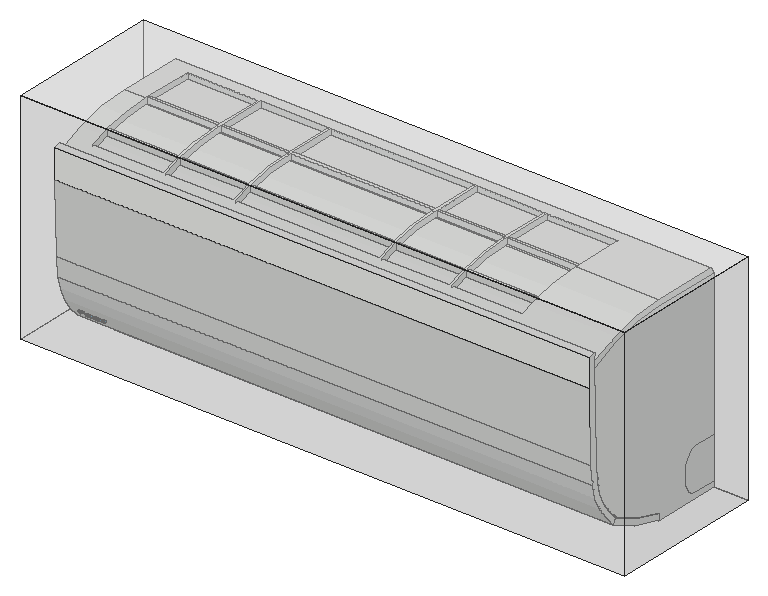
Revit family "outputfile", category 機械設備, Revit 2024
Family settings
  丸型コネクタ寸法 = 半径を使用
  パーツ タイプ = 標準
  OmniClass 番号 = 23.75.10.24.21.27.27
  OmniClass タイトル = Split System Air Conditioning Units
  作業面ベース = いいえ
  常に垂直 = はい
  ロード時にボイドで切り取り = いいえ
  注釈の向きを維持 = いいえ
  共有 = いいえ
  部屋計算ポイント = いいえ
Parameters (values of type "FTXV25UVMA")
  Description = ""
  書き出し IFC クラス(タイプ) = "IfcUnitaryEquipmentType"
  定義済み IFC タイプ(タイプ) = "AIRCONDITIONINGUNIT"
  Cost = 0
  Type Comments = ""
  Keynote = ""
  Type Image = (empty or 0)
  Assembly Code = ""
  w_wall hole = if(Width = 770.0 mm, 48.0 mm, 60.0 mm)  # 48.0 mm
  製造元 = "Daikin"
  モデル = "FTXV25UVMA"
  switch_frequency = yes
  r_Liquid Pipe Size = Liquid Pipe Size / 2  # 3.2 mm
  r_Gas Pipe Size = Gas Pipe Size / 2  # 4.75 mm
  r_Drain Pipe Size = Drain Pipe Size / 2  # 8.0 mm
  lw_powersupply [instance] = if(Width = 770.0 mm, if(or(Rear Right Connection_refrigerant, Bottom Right Connection_refrigerant), 25.0 mm, if(or(Rear Left Connection_refrigerant, Bottom Left Connection_refrigerant), 745.0 mm, 400.0 mm)), if(Width = 990.0 mm, if(or(Rear Right Connection_refrigerant, Bottom Right Connection_refrigerant), 40.0 mm, if(or(Rear Left Connection_refrigerant, Bottom Left Connection_refrigerant), 920.0 mm, 400.0 mm)), if(or(Rear Right Connection_refrigerant, Bottom Right Connection_refrigerant), 40.0 mm, if(or(Rear Left Connection_refrigerant, Bottom Left Connection_refrigerant), 920.0 mm, 400.0 mm))))  # 400.0 mm
  lw_liquidpipe [instance] = if(Width = 770.0 mm, if(or(Rear Right Connection_refrigerant, Bottom Right Connection_refrigerant), 0.0 mm, if(or(Rear Left Connection_refrigerant, Bottom Left Connection_refrigerant), 664.0 mm, 385.0 mm)), if(Width = 990.0 mm, if(or(Rear Right Connection_refrigerant, Bottom Right Connection_refrigerant), 0.0 mm, if(or(Rear Left Connection_refrigerant, Bottom Left Connection_refrigerant), 664.0 mm + (990.0 mm - 770.0 mm), 475.0 mm)), if(or(Rear Right Connection_refrigerant, Bottom Right Connection_refrigerant), 0.0 mm, if(or(Rear Left Connection_refrigerant, Bottom Left Connection_refrigerant), 664.0 mm + (990.0 mm - 770.0 mm), 475.0 mm))))  # 385.0 mm
  lw_gaspipe [instance] = if(Width = 770.0 mm, if(or(Rear Right Connection_refrigerant, Bottom Right Connection_refrigerant), 0.0 mm, if(or(Rear Left Connection_refrigerant, Bottom Left Connection_refrigerant), 675.0 mm, if(Gas Pipe Size = 12.7 mm, 345.0 mm, 335.0 mm))), if(Width = 990.0 mm, if(or(Rear Right Connection_refrigerant, Bottom Right Connection_refrigerant), 10.0 mm, if(or(Rear Left Connection_refrigerant, Bottom Left Connection_refrigerant), 890.0 mm, if(Gas Pipe Size = 15.9 mm, 410.0 mm, 400.0 mm))), if(or(Rear Right Connection_refrigerant, Bottom Right Connection_refrigerant), 10.0 mm, if(or(Rear Left Connection_refrigerant, Bottom Left Connection_refrigerant), 890.0 mm, if(Gas Pipe Size = 15.9 mm, 410.0 mm, 400.0 mm)))))  # 335.0 mm
  lw_drainpipe [instance] = if(Width = 770.0 mm, if(or(Rear Right Connection_refrigerant, Bottom Right Connection_refrigerant), 0.0 mm, if(or(Rear Left Connection_refrigerant, Bottom Left Connection_refrigerant), 770.0 mm - 48.0 mm - 48.0 mm, 440.0 mm)), if(Width = 990.0 mm, if(or(Rear Right Connection_refrigerant, Bottom Right Connection_refrigerant), 0.0 mm, if(or(Rear Left Connection_refrigerant, Bottom Left Connection_refrigerant), 675.0 mm + (990.0 mm - 770.0 mm), 435.0 mm)), if(or(Rear Right Connection_refrigerant, Bottom Right Connection_refrigerant), 0.0 mm, if(or(Rear Left Connection_refrigerant, Bottom Left Connection_refrigerant), 675.0 mm + (990.0 mm - 770.0 mm), 435.0 mm))))  # 440.0 mm
  l_powersupply_length [instance] = if(Width = 770.0 mm, if(Right Connection_refrigerant, 400.0 mm, if(Left Connection_refrigerant, 770.0 mm - 400.0 mm, if(or(Rear Left Connection_refrigerant, Rear Right Connection_refrigerant), 15.0 mm, 50.0 mm))), if(Width = 990.0 mm, if(Right Connection_refrigerant, 400.0 mm, if(Left Connection_refrigerant, 990.0 mm - 400.0 mm, if(or(Rear Left Connection_refrigerant, Rear Right Connection_refrigerant), 15.0 mm, 50.0 mm))), if(Right Connection_refrigerant, 400.0 mm, if(Left Connection_refrigerant, 990.0 mm - 400.0 mm, if(or(Rear Left Connection_refrigerant, Rear Right Connection_refrigerant), 15.0 mm, 50.0 mm)))))  # 400.0 mm
  l_liquidpipe_length [instance] = if(Width = 770.0 mm, if(Right Connection_refrigerant, 433.0 mm, if(Left Connection_refrigerant, 337.0 mm, if(or(Rear Left Connection_refrigerant, Rear Right Connection_refrigerant), 30.0 mm, 40.0 mm))), if(Width = 990.0 mm, if(Right Connection_refrigerant, 535.0 mm, if(Left Connection_refrigerant, 455.0 mm, if(or(Rear Left Connection_refrigerant, Rear Right Connection_refrigerant), 30.0 mm, 40.0 mm))), if(Right Connection_refrigerant, 535.0 mm, if(Left Connection_refrigerant, 455.0 mm, if(or(Rear Left Connection_refrigerant, Rear Right Connection_refrigerant), 30.0 mm, 40.0 mm)))))  # 433.0 mm
  l_gaspipe_length [instance] = if(Width = 770.0 mm, if(Right Connection_refrigerant, if(Gas Pipe Size = 12.7 mm, 393.0 mm, 383.0 mm), if(Left Connection_refrigerant, if(Gas Pipe Size = 12.7 mm, 770.0 mm - 393.0 mm, 770.0 mm - 383.0 mm), if(or(Rear Left Connection_refrigerant, Rear Right Connection_refrigerant), 40.0 mm, 50.0 mm))), if(Width = 990.0 mm, if(Right Connection_refrigerant, if(Gas Pipe Size = 15.9 mm, 470.0 mm, 460.0 mm), if(Left Connection_refrigerant, if(Gas Pipe Size = 15.9 mm, 990.0 mm - 470.0 mm, 990.0 mm - 460.0 mm), if(or(Rear Left Connection_refrigerant, Rear Right Connection_refrigerant), 40.0 mm, 50.0 mm))), if(Right Connection_refrigerant, if(Gas Pipe Size = 15.9 mm, 460.0 mm, 460.0 mm), if(Left Connection_refrigerant, if(Gas Pipe Size = 15.9 mm, 990.0 mm - 460.0 mm, 990.0 mm - 460.0 mm), if(or(Rear Left Connection_refrigerant, Rear Right Connection_refrigerant), 40.0 mm, 50.0 mm)))))  # 383.0 mm
  l_drainpipe_length [instance] = if(Width = 770.0 mm, if(Right Connection_refrigerant, 488.0 mm, if(Left Connection_refrigerant, 282.0 mm, if(or(Rear Left Connection_refrigerant, Rear Right Connection_refrigerant), 15.0 mm, 20.0 mm))), if(Width = 990.0 mm, if(Right Connection_refrigerant, 495.0 mm, if(Left Connection_refrigerant, 495.0 mm, if(or(Rear Left Connection_refrigerant, Rear Right Connection_refrigerant), 15.0 mm, 20.0 mm))), if(Right Connection_refrigerant, 495.0 mm, if(Left Connection_refrigerant, 495.0 mm, if(or(Rear Left Connection_refrigerant, Rear Right Connection_refrigerant), 15.0 mm, 20.0 mm)))))  # 488.0 mm
  h*** = 0.0 mm  # constant formula
  connector_voltage = Voltage_50Hz  # 230 V
  connector_powerinput = [Power Input (Cooling)]  # 0.520 kW
  connector_phase = Phase_50Hz  # 1
  angle_vertical [instance] = if(or(Bottom Left Connection_refrigerant, Bottom Right Connection_refrigerant), 0.00°, 90.00°)  # 90.00°
  angle_horizontal [instance] = if(Right Connection_refrigerant, 90.00°, if(Left Connection_refrigerant, -90.00°, if(or(Rear Left Connection_refrigerant, Rear Right Connection_refrigerant), 180.00°, 0.00°)))  # 90.00°
  Width = 770.0 mm
  Voltage_comment_60Hz = "220-230"
  Voltage_comment_50Hz = "220 - 240"
  Voltage_60Hz = 220 V
  Voltage_50Hz = 230 V
  Version = "ver.1.0"
  Unit Type = "Wall Mounted"
  Unit Mass Weight = 9.00 kg
  Unit Designation [instance] = ""
  Uniclass2015Version = "Products v1.30"
  Uniclass2015Title = "Split coil room air conditioning units"
  Uniclass2015Code = "Pr_70_65_03_86"
  URL = ""
  Total Heating Capacity [instance] = 0.000 kW
  Total Cooling Capacity [instance] = 0.000 kW
  Sound Pressure Level_M speed (dBA) = 32
  Sound Pressure Level_L speed (dBA) = 25
  Sound Pressure Level_H speed (dBA) = 42
  Sound Power Level_H speed (dB) = 0
  Series = "Single Split_Fan Coil Unit"
  Sensible Cooling Capacity [instance] = 0.000 kW
  Refrigerant Type = "R32"
  Power Input (Heating) = 0.650 kW
  Power Input (Cooling) = 0.520 kW
  Phase_60Hz = 1
  Phase_50Hz = 1
  Option Accessory 3 [instance] = ""
  Option Accessory 2 [instance] = ""
  Option Accessory 1 [instance] = ""
  Nominal Heating Capacity = 3.200 kW
  Nominal Cooling Capacity = 2.500 kW
  Minimum Circuit Amps_60Hz = 0.0 A
  Minimum Circuit Amps_50Hz = 0.0 A
  Minimum Airflow = 300.00 m³/h
  Median Airflow = 426.00 m³/h
  Maximum Fuse Amps_60Hz = 0.0 A
  Maximum Fuse Amps_50Hz = 0.0 A
  Maximum Airflow = 624.00 m³/h
  Material_Casing = DAIKIN_PureWhite_Casing_indoorunit
  Load Classification = HVAC
  Liquid Pipe Size = 6.4 mm
  Link_Nested Family [instance] = ""
  IfcVersion = ""
  IfcExportType = "AIRCONDITIONINGUNIT"
  IfcExportAs = "IfcUnitaryEquipmentType"
  Height = 285.0 mm
  Heating Entering Wet Bulb Temperature [instance] = -273.15 °C
  Heating Entering Dry Bulb Temperature [instance] = -273.15 °C
  Heating Ambient Wet Bulb Temperature [instance] = -273.15 °C
  Heating Ambient Dry Bulb Temperature [instance] = -273.15 °C
  Heat Exchanger Type = "Cross Fin Coil"
  Gas Pipe Size = 9.5 mm
  Frequency_60Hz = 60 Hz
  Frequency_50Hz = 50 Hz
  Fan Type = "Cross Flow Fan"
  Fan Drive = "-"
  FCU Tag No. [instance] = ""
  Drain Pipe Size = 16.0 mm
  Design Supply Airflow [instance] = 0.00 m³/h
  Depth = 223.0 mm
  既定の高さ = 0.0 mm
  Cooling Entering Wet Bulb Temperature [instance] = 0.00 °C
  Cooling Entering Dry Bulb Temperature [instance] = 0.00 °C
  Cooling Ambient Wet Bulb Temperature [instance] = 0.00 °C
  Cooling Ambient Dry Bulb Temperature [instance] = 0.00 °C
  Clearance visibility [instance] = yes
  Clearance Top = 30.0 mm
  Clearance Right = 50.0 mm
  Clearance Rear = 0.0 mm
  Clearance Left = 50.0 mm
  Clearance Front = 0.0 mm
  Clearance Bottom = 0.0 mm
  Bottom Right Connection_refrigerant [instance] = no
  Bottom Left Connection_refrigerant [instance] = no
  Rear Right Connection_refrigerant [instance] = no
  Rear Left Connection_refrigerant [instance] = no
  Right Connection_refrigerant [instance] = yes
  Left Connection_refrigerant [instance] = no
Reference planes
  plane 1 "Back": y = 0
  plane 2: z = 0
  plane 3 "Center (Left/Right)": x = 0
  plane 4 "Center (Front/Back)": y = -111.5
  plane 5 "Front": y = -223
  plane 6 "Left": x = -385
  plane 7 "Right": x = 385
  plane 8 "Top": z = 0
  plane 9 "Bottom": z = -285
  plane 10: x = -435
  plane 11: x = 435
  plane 12: y = 0
  plane 13: y = -223
  plane 14: z = 30
  plane 15: z = -285
  plane 16 "lw_Piping and Wiring intake": x = 337
  plane 17 "lw_gaspipe": x = 2
  plane 18 "lw_liquidpipe": x = -48
  plane 19 "lw_drainpipe": x = -103
  plane 20 "lh_drainpipe": z = -265
  plane 21 "lh_liquidpipe": z = -245
  plane 22 "lh_gaspipe": z = -235
  plane 23 "ld_drainpipe": y = -15
  plane 24 "ld_liquidpipe": y = -30
  plane 25 "ld_gaspipe": y = -40
  plane 26 "lw_powersupply": x = -15
Dimensions and locks
  equal spacing: plane 6 "Left", plane 3 "Center (Left/Right)", plane 7 "Right"
  "Width": plane 6 "Left" to plane 7 "Right"
  equal spacing: plane 5 "Front", plane 4 "Center (Front/Back)", plane 1 "Back"
  "Depth": plane 5 "Front" to plane 1 "Back"
  "Height": plane 8 "Top" to plane 9 "Bottom"
  "Clearance Rear": plane 12 to plane 1 "Back"
  "Clearance Front": plane 13 to plane 5 "Front"
  "Clearance Top": plane 14 to plane 8 "Top"
  "Clearance Bottom": plane 9 "Bottom" to plane 15
  "w_wall hole": plane 16 "lw_Piping and Wiring intake" to plane 7 "Right"
  "lw_gaspipe": plane 17 "lw_gaspipe" to plane 16 "lw_Piping and Wiring intake"
  "lw_liquidpipe": plane 18 "lw_liquidpipe" to plane 16 "lw_Piping and Wiring intake"
  "lw_drainpipe": plane 19 "lw_drainpipe" to plane 16 "lw_Piping and Wiring intake"
  locked: plane 20 "lh_drainpipe" to plane 9 "Bottom" at 20
  locked: plane 21 "lh_liquidpipe" to plane 9 "Bottom" at 40
  locked: plane 22 "lh_gaspipe" to plane 9 "Bottom" at 50
  locked: plane 23 "ld_drainpipe" to plane 1 "Back" at 15
  locked: plane 1 "Back" to plane 24 "ld_liquidpipe" at 30
  locked: plane 1 "Back" to plane 25 "ld_gaspipe" at 40
  "lw_powersupply": plane 26 "lw_powersupply" to plane 7 "Right"
  "Clearance Left": plane 10 to plane 6 "Left"
  "Clearance Right": plane 7 "Right" to plane 11
  aligned and locked: level to plane 2
  aligned and locked: plane 12 to nested 1
  aligned and locked: nested 1 to plane 13
  aligned and locked: plane 10 to nested 1
  aligned and locked: plane 11 to nested 1
  aligned and locked: plane 15 to nested 1
  aligned and locked: plane 14 to nested 1
  aligned and locked: plane 17 "lw_gaspipe" to nested 2
  aligned and locked: nested 2 to plane 25 "ld_gaspipe"
  aligned and locked: plane 18 "lw_liquidpipe" to nested 3
  aligned and locked: nested 3 to plane 24 "ld_liquidpipe"
  aligned and locked: plane 19 "lw_drainpipe" to nested 4
  aligned and locked: nested 4 to plane 23 "ld_drainpipe"
  aligned and locked: nested 5 to plane 23 "ld_drainpipe"
  aligned and locked: plane 26 "lw_powersupply" to nested 5
  aligned and locked: level to plane 8 "Top"
  aligned and locked: plane 3 "Center (Left/Right)" to nested 6
  aligned and locked: plane 1 "Back" to nested 6
  aligned and locked: plane 8 "Top" to nested 6
Nested families
  nested 1: "daikin_clearancespace" at (0, -111.5, -127.381), show <- "Clearance visibility", visible <- "Clearance visibility", Link_Nested Family <- "Link_Nested Family", type "daikin_clearancespace"
    with width 870.0 mm, show yes, height 315.0 mm, depth 223.0 mm, Link_Nested Family ""
  nested 2: "daikin_connector_rotate3" at (2, -40, -235), angle_vertical <- "angle_vertical", angle_horizontal <- "angle_horizontal", length <- "l_gaspipe_length", radius <- "r_Gas Pipe Size", type "daikin_connector_rotate3"
    with show no, radius 4.75 mm, length 383.0 mm, angle_vertical 90.00°, angle_horizontal 90.00°
  nested 3: "daikin_connector_rotate3" at (-48, -30, -245), angle_vertical <- "angle_vertical", angle_horizontal <- "angle_horizontal", radius <- "r_Liquid Pipe Size", length <- "l_liquidpipe_length", type "daikin_connector_rotate3"
    with show no, radius 3.2 mm, length 433.0 mm, angle_vertical 90.00°, angle_horizontal 90.00°
  nested 4: "daikin_connector_rotate3" at (-103, -15, -265), angle_vertical <- "angle_vertical", angle_horizontal <- "angle_horizontal", length <- "l_drainpipe_length", radius <- "r_Drain Pipe Size", type "daikin_connector_rotate3"
    with show no, radius 8.0 mm, length 488.0 mm, angle_vertical 90.00°, angle_horizontal 90.00°
  nested 5: "daikin_connector_rotate3" at (-15, -15, -235), angle_vertical <- "angle_vertical", angle_horizontal <- "angle_horizontal", length <- "l_powersupply_length", type "daikin_connector_rotate3"
    with show no, radius 10.0 mm, length 400.0 mm, angle_vertical 90.00°, angle_horizontal 90.00°
  nested 6: "DAIKIN_indoorunit_FTXV-UVMA" at (-31, 0, 0), type "FTXV-UVMA"
    with Width=990 no, Width=770 yes, Width 770.0 mm, WALL HOLE-R 48.0 mm, WALL HOLE Size 65.0 mm, Height 285.0 mm
Connectors
  piping at (385, -40, -235), diameter 9.5, driven by "r_Gas Pipe Size"
    settings: on nested 2, index 1, connector inside diameter 609.6 mm, connector length 0.0 mm, flow factor 0, pipe flow 0.00 m³/h, pressure drop 0.0 Pa, fitting loss kfactor 0, connector angle 0.00°, fixture units 0, engagement length 0.0 mm, angle of deflection 0.00°, flow configuration 1, flow direction 2, fitting loss method 0, system type 29, joint type 0, gender type 0, connector reference index -1, connector utility 0, adjustable connector no, is connector primary yes, connector description "Refrigerant Gas Piping"
  piping at (385, -30, -245), diameter 6.4, driven by "r_Liquid Pipe Size"
    settings: on nested 3, index 2, connector inside diameter 609.6 mm, connector length 0.0 mm, flow factor 0, pipe flow 0.00 m³/h, pressure drop 0.0 Pa, fitting loss kfactor 0, connector angle 0.00°, fixture units 0, engagement length 0.0 mm, angle of deflection 0.00°, flow configuration 1, flow direction 1, fitting loss method 0, system type 29, joint type 0, gender type 0, connector reference index -1, connector utility 0, adjustable connector no, is connector primary no, connector description "Refrigerant Liquid Piping"
  piping at (385, -15, -265), diameter 16, driven by "r_Drain Pipe Size"
    settings: on nested 4, index 3, connector inside diameter 609.6 mm, connector length 0.0 mm, flow factor 0, pipe flow 0.00 m³/h, pressure drop 0.0 Pa, fitting loss kfactor 0, connector angle 0.00°, fixture units 0, engagement length 0.0 mm, angle of deflection 0.00°, flow configuration 1, flow direction 2, fitting loss method 4, system type 16, joint type 0, gender type 0, connector reference index -1, connector utility 0, adjustable connector no, is connector primary no, connector description "Condensate Drain Piping"
  electrical at (385, -15, -235), driven by "Load Classification", driven by "connector_voltage", driven by "connector_phase", driven by "connector_powerinput"
    settings: on nested 5, index 4, voltage 230 V, apparent load 520 VA, apparent load phase1 0 VA, apparent load phase2 0 VA, apparent load phase3 0 VA, power factor 1, load classification "HVAC", number of poles 1, system type 30, power factor state 1, is connector primary yes, connector utility no, sub classification motor no, connector description "Power Supply"
Definition of nested family "daikin_clearancespace"
  Parameters (values of type "daikin_clearancespace")
    Description = "daikin_clearancespace"
    width [instance] = 1823.963 mm
    show [instance] = yes
    material = none
    height [instance] = 1359.762 mm
    depth [instance] = 880.0 mm
    Default Elevation = 0.0 mm
    Link_Nested Family [instance] = ""
  Reference planes
    plane 1 "Center (Front/Back)": y = 0
    plane 2 "Center (Elevation)": z = -0.119
    plane 3 "Center (Left/Right)": x = 0
    plane 4: y = 440
    plane 5: y = -440
    plane 6 "Right": x = 911.982
    plane 7 "Left": x = -911.982
    plane 8 "Top": z = 679.762
    plane 9 "Bottom": z = -680
  Forms (mm)
    Extrusion 1, solid, material <- "material", visible <- "show"
      sketch origin (0, 0, 0) x (1, 0, 0) y (0, 1, 0)
        loop
          line (-911.982, 440) -> (-911.982, -440) -> (911.982, -440) -> (911.982, 440) -> (-911.982, 440)
      from -680 to 679.762
  Lines and regions (mm)
    symbolic lines, visible <- "show"
      curve 1: line (911.982, 440, 0) -> (-911.982, 440, 0)
      curve 2: line (-911.982, 440, 0) -> (-911.982, -440, 0)
      curve 3: line (-911.982, -440, 0) -> (911.982, -440, 0)
      curve 4: line (911.982, -440, 0) -> (911.982, 440, 0)
      curve 5: line (911.982, 0, 679.762) -> (-911.982, 0, 679.762)
      curve 6: line (911.982, 0, -680) -> (911.982, 0, 679.762)
      curve 7: line (-911.982, 0, -680) -> (911.982, 0, -680)
      curve 8: line (-911.982, 0, 679.762) -> (-911.982, 0, -680)
      curve 9: line (0, 440, 679.762) -> (0, -440, 679.762)
      curve 10: line (0, -440, 679.762) -> (0, -440, -680)
      curve 11: line (0, 440, -680) -> (0, 440, 679.762)
      curve 12: line (0, -440, -680) -> (0, 440, -680)
  Dimensions and locks
    "width": plane 7 "Left" to plane 6 "Right"
    "depth": plane 4 to plane 5
    "height": plane 8 "Top" to plane 9 "Bottom"
    equal spacing: plane 7 "Left", plane 3 "Center (Left/Right)", plane 6 "Right"
    equal spacing: plane 4, plane 1 "Center (Front/Back)", plane 5
    equal spacing: plane 8 "Top", plane 2 "Center (Elevation)", plane 9 "Bottom"
    aligned and locked: level to plane 2 "Center (Elevation)"
    aligned and locked: Extrusion 1 sketch curve to plane 4
    aligned and locked: plane 7 "Left" to Extrusion 1 sketch curve
    aligned and locked: Extrusion 1 sketch curve to plane 5
    aligned and locked: Extrusion 1 sketch curve to plane 6 "Right"
    aligned and locked: plane 8 "Top" to Extrusion 1
    aligned and locked: curve 1 to Extrusion 1
    aligned and locked: curve 2 to Extrusion 1
    aligned and locked: curve 3 to Extrusion 1
    aligned and locked: curve 4 to Extrusion 1
    aligned and locked: curve 5 to Extrusion 1
    aligned and locked: curve 6 to Extrusion 1
    aligned and locked: curve 7 to Extrusion 1
    aligned and locked: curve 8 to Extrusion 1
    aligned and locked: curve 9 to Extrusion 1
    aligned and locked: curve 10 to Extrusion 1
    aligned and locked: curve 11 to Extrusion 1
    aligned and locked: curve 12 to Extrusion 1
    aligned and locked: Extrusion 1 to plane 9 "Bottom"
Definition of nested family "DAIKIN_indoorunit_FTXV-UVMA"
  Parameters (values of type "FTKF-TVMA")
    Width=990 = Width = 990.0 mm  # yes
    Width=770 = Width = 770.0 mm  # no
    Width = 990.0 mm
    WALL HOLE-R = if(Width = 770.0 mm, 48.0 mm, 60.0 mm)  # 60.0 mm
    WALL HOLE Size = if(Width = 770.0 mm, 65.0 mm, 80.0 mm)  # 80.0 mm
    Material_Casing = none
    Height = if(Width = 770.0 mm, 285.0 mm, 295.0 mm)  # 295.0 mm
    Default Elevation = 0.0 mm
  Reference planes
    plane 1 "Center (Front/Back)": y = 0
    plane 2 "reference_level": z = 0
    plane 3 "Center (Left/Right)": x = 31
    plane 4: x = -464
    plane 5: x = 526
    plane 6: z = -295
  Forms (mm)
    Extrusion 1, solid, material <- "Material_Casing", visible <- "Width=770"
      sketch origin (29, 0, 0) x (0, 1, 0) y (0, 0, 1)
        loop
          line (-5, 0) -> (-98, 0)
          arc (-98, 0) -> (-157.611, -7.211) -> (-213.783, -28.427) r 250
          arc (-213.783, -28.427) -> (-213.842, -32.972) -> (-213.892, -37.516) r 2191
          arc (-213.892, -37.516) -> (-157.832, -15.495) -> (-98.07, -8) r 242
          line (-98.07, -8) -> (0, -8) -> (-5, 0)
      from -383 to 387
    Extrusion 2, solid, material <- "Material_Casing", visible <- "Width=770"
      sketch origin (416, 1296.25, 1200) x (0, 1, 0) y (0, 0, 1)
        loop
          line (-1472.998, -1446.91) -> (-1476.998, -1453.839)
          arc (-1476.998, -1453.839) -> (-1437.481, -1472.422) -> (-1395.25, -1483.538) r 240
          line (-1395.25, -1483.538) -> (-1395.25, -1475.422)
          arc (-1395.25, -1475.422) -> (-1435.407, -1464.663) -> (-1472.998, -1446.91) r 232
      from 0 to -47.5
    Extrusion 3, solid, material <- "Material_Casing", visible <- "Width=770"
      sketch origin (29, 0, 0) x (0, 1, 0) y (0, 0, 1)
        loop
          arc (-223, -60.455) -> (-222.414, -110.646) -> (-220.656, -160.81) r 2149.92
          arc (-220.656, -160.81) -> (-219.65, -174.299) -> (-217.853, -187.706) r 229.911
          arc (-217.853, -187.706) -> (-205.371, -223.594) -> (-181.517, -253.17) r 111
          line (-181.517, -253.17) -> (-177.429, -246.093)
          arc (-177.429, -246.093) -> (-198.77, -218.989) -> (-209.965, -186.36) r 103
          arc (-209.965, -186.36) -> (-211.681, -173.586) -> (-212.651, -160.735) r 221.844
          arc (-212.651, -160.735) -> (-214.739, -93.233) -> (-214.74, -25.699) r 2186.828
          arc (-214.74, -25.699) -> (-214.671, -21.467) -> (-214.594, -17.235) r 2192
          line (-214.594, -17.235) -> (-223, -19.961) -> (-223, -60.455)
      from -383 to 387
    Extrusion 4, solid, material <- "Material_Casing", visible <- "Width=770"
      sketch origin (29, 0, -20) x (0, 1, 0) y (0, 0, 1)
        loop
          line (0, -265) -> (0, 12) -> (-98.07, 12)
          arc (-98.07, 12) -> (-157.832, 4.505) -> (-213.892, -17.516) r 242
          arc (-213.892, -17.516) -> (-213.638, -79.114) -> (-211.653, -140.681) r 2191
          arc (-211.653, -140.681) -> (-210.685, -153.501) -> (-208.973, -166.243) r 221
          arc (-208.973, -166.243) -> (-197.471, -199.282) -> (-175.482, -226.491) r 102
          arc (-175.482, -226.491) -> (-138.004, -244.019) -> (-98, -254.579) r 231
          line (-98, -254.579) -> (-98, -265) -> (0, -265)
      from -383 to 387
    Extrusion 5, solid, material <- "Material_Casing", visible <- "Width=770"
      sketch origin (-354, 1296.25, 1200) x (0, 1, 0) y (0, 0, 1)
        loop
          line (-1472.998, -1446.91) -> (-1476.998, -1453.839)
          arc (-1476.998, -1453.839) -> (-1437.481, -1472.422) -> (-1395.25, -1483.538) r 240
          line (-1395.25, -1483.538) -> (-1395.25, -1475.422)
          arc (-1395.25, -1475.422) -> (-1435.407, -1464.663) -> (-1472.998, -1446.91) r 232
      from 47 to 0
    Extrusion 6, solid, material <- "Material_Casing", visible <- "Width=770"
      sketch origin (416, 1296.25, 1200) x (0, 1, 0) y (0, 0, 1)
        loop
          line (-1472.998, -1446.91) -> (-1476.998, -1453.839)
          arc (-1476.998, -1453.839) -> (-1443.437, -1470.168) -> (-1407.75, -1481.097) r 240
          line (-1407.75, -1481.097) -> (-1407.75, -1472.894)
          arc (-1407.75, -1472.894) -> (-1441.363, -1462.385) -> (-1472.998, -1446.91) r 232
      from -116.993 to -48.493
    Extrusion 7, solid, material <- "Material_Casing", visible <- "Width=770"
      sketch origin (416, 1296.25, 1200) x (0, 1, 0) y (0, 0, 1)
        loop
          line (-1472.998, -1446.91) -> (-1476.998, -1453.839)
          arc (-1476.998, -1453.839) -> (-1443.437, -1470.168) -> (-1407.75, -1481.097) r 240
          line (-1407.75, -1481.097) -> (-1407.75, -1472.894)
          arc (-1407.75, -1472.894) -> (-1441.363, -1462.385) -> (-1472.998, -1446.91) r 232
      from -717 to -121.993
    Extrusion 8, void
      sketch origin (31, 0, -235) x (1, 0, 0) y (0, 1, 0)
        loop
          line (-252.674, -22.316) -> (-354.941, -22.316) -> (-354.941, -91.341) -> (-252.674, -91.341) -> (-252.674, -22.316)
        loop
          line (-249.341, -91.341) -> (-151.574, -91.341) -> (-151.574, -22.316) -> (-249.341, -22.316) -> (-249.341, -91.341)
        loop
          line (58.309, -22.316) -> (-148.309, -22.316) -> (-148.309, -91.341) -> (58.309, -91.341) -> (58.309, -22.316)
        loop
          line (61.689, -22.316) -> (61.689, -91.341) -> (159.457, -91.341) -> (159.457, -22.316) -> (61.689, -22.316)
        loop
          line (162.789, -22.316) -> (162.789, -91.341) -> (265.057, -91.341) -> (265.057, -22.316) -> (162.789, -22.316)
        loop
          line (-354.941, -94.659) -> (-354.941, -165.259) -> (-252.674, -165.259) -> (-252.674, -94.659) -> (-354.941, -94.659)
        loop
          line (-249.341, -94.659) -> (-249.341, -165.259) -> (-151.574, -165.259) -> (-151.574, -94.659) -> (-249.341, -94.659)
        loop
          line (-148.309, -94.659) -> (-148.309, -165.259) -> (58.309, -165.259) -> (58.309, -94.659) -> (-148.309, -94.659)
        loop
          line (61.689, -94.659) -> (61.689, -165.259) -> (159.457, -165.259) -> (159.457, -94.659) -> (61.689, -94.659)
        loop
          line (162.789, -94.659) -> (162.789, -165.259) -> (265.057, -165.259) -> (265.057, -94.659) -> (162.789, -94.659)
        loop
          line (-354.941, -167.382) -> (-354.941, -192.681) -> (-252.674, -192.681) -> (-252.674, -167.382) -> (-354.941, -167.382)
        loop
          line (-249.341, -167.382) -> (-249.341, -192.681) -> (-151.574, -192.681) -> (-151.574, -167.382) -> (-249.341, -167.382)
        loop
          line (-148.309, -167.382) -> (-148.309, -192.681) -> (58.309, -192.681) -> (58.309, -167.382) -> (-148.309, -167.382)
        loop
          line (159.457, -167.382) -> (61.689, -167.382) -> (61.689, -192.681) -> (159.457, -192.681) -> (159.457, -167.382)
        loop
          line (265.057, -167.382) -> (162.789, -167.382) -> (162.789, -192.681) -> (265.057, -192.681) -> (265.057, -167.382)
      from 201.638 to 250
    Extrusion 9, solid, material <- "Material_Casing"
      sketch origin (31, 0, 0) x (1, 0, 0) y (0, 0, 1)
        loop
          circle (435, -250.5) r 40
        loop
          circle (-447, -250.5) r 40
      from 0 to 5
    Extrusion 10, solid, material <- "Material_Casing", visible <- "Width=770"
      sketch origin (416, 1296.25, 1200) x (0, -1, 0) y (0, 0, 1)
        loop
          line (1326.25, -1417) -> (1296.25, -1417) -> (1296.25, -1477) -> (1326.25, -1477)
          arc (1326.25, -1477) -> (1340.393, -1471.142) -> (1346.25, -1457) r 20
          line (1346.25, -1457) -> (1346.25, -1437)
          arc (1346.25, -1437) -> (1340.393, -1422.858) -> (1326.25, -1417) r 20
      from 0 to 5
    Extrusion 11, solid, material <- "Material_Casing", visible <- "Width=770"
      sketch origin (-354, 1296.25, 1200) x (0, 1, 0) y (0, 0, 1)
        loop
          line (-1296.25, -1417) -> (-1326.25, -1417)
          arc (-1326.25, -1417) -> (-1340.393, -1422.858) -> (-1346.25, -1437) r 20
          line (-1346.25, -1437) -> (-1346.25, -1457)
          arc (-1346.25, -1457) -> (-1340.393, -1471.142) -> (-1326.25, -1477) r 20
          line (-1326.25, -1477) -> (-1296.25, -1477) -> (-1296.25, -1417)
      from 0 to 5
    Extrusion 12, solid, material <- "Material_Casing", visible <- "Width=770"
      sketch origin (31, 0, -285) x (-1, 0, 0) y (0, -1, 0)
        loop
          line (-314, 0) -> (-314, 30)
          arc (-314, 30) -> (-319.858, 44.142) -> (-334, 50) r 20
          line (-334, 50) -> (-354, 50)
          arc (-354, 50) -> (-368.142, 44.142) -> (-374, 30) r 20
          line (-374, 30) -> (-374, 0) -> (-314, 0)
        loop
          line (374, 0) -> (374, 30)
          arc (374, 30) -> (368.142, 44.142) -> (354, 50) r 20
          line (354, 50) -> (334, 50)
          arc (334, 50) -> (319.858, 44.142) -> (314, 30) r 20
          line (314, 30) -> (314, 0) -> (374, 0)
      from 0 to 5
    Extrusion 13, solid, material <- "Material_Casing", visible <- "Width=990"
      sketch origin (31, 0, 0) x (0, 1, 0) y (0, 0, 1)
        loop
          line (-5, 0) -> (-138, 0)
          arc (-138, 0) -> (-197.611, -7.211) -> (-253.783, -28.427) r 250
          arc (-253.783, -28.427) -> (-253.838, -32.687) -> (-253.886, -36.946) r 2191
          arc (-253.886, -36.946) -> (-197.73, -15.346) -> (-138.014, -8) r 246.393
          line (-138.014, -8) -> (0, -8) -> (-5, 0)
      from -495 to 495
    Extrusion 14, solid, material <- "Material_Casing", visible <- "Width=990"
      sketch origin (418, 1296.25, 1200) x (0, 1, 0) y (0, 0, 1)
        loop
          arc (-1515.208, -1454.149) -> (-1506.856, -1460.599) -> (-1497.925, -1466.219) r 110
          arc (-1497.925, -1466.219) -> (-1445.718, -1487.493) -> (-1389.844, -1494.995) r 223
          line (-1389.844, -1494.995) -> (-1389.844, -1486.086) -> (-1404.386, -1486.086)
          arc (-1404.386, -1486.086) -> (-1449.542, -1477.46) -> (-1491.818, -1459.402) r 214.289
          arc (-1491.818, -1459.402) -> (-1501.056, -1453.541) -> (-1509.606, -1446.715) r 101
          line (-1509.606, -1446.715) -> (-1515.208, -1454.149)
      from 108 to 57.5
    Extrusion 15, solid, material <- "Material_Casing", visible <- "Width=990"
      sketch origin (31, 0, 0) x (0, 1, 0) y (0, 0, 1)
        loop
          line (-263, -19.962) -> (-263, -61.6)
          arc (-263, -61.6) -> (-262.414, -110.219) -> (-260.656, -158.81) r 2017.341
          arc (-260.656, -158.81) -> (-255.648, -191.935) -> (-244.041, -223.362) r 164.725
          arc (-244.041, -223.362) -> (-233.569, -239.793) -> (-219.717, -253.495) r 87.379
          line (-219.717, -253.495) -> (-214.706, -246.846)
          arc (-214.706, -246.846) -> (-229.564, -230.029) -> (-240.385, -210.371) r 102
          arc (-240.385, -210.371) -> (-249.049, -182.962) -> (-252.848, -154.467) r 165.789
          arc (-252.848, -154.467) -> (-254.771, -90.102) -> (-254.74, -25.708) r 2122.533
          arc (-254.74, -25.708) -> (-254.671, -21.469) -> (-254.594, -17.23) r 2192
          line (-254.594, -17.23) -> (-263, -19.962)
      from -495 to 495
    Extrusion 16, void
      sketch origin (33, 0, 0) x (1, 0, 0) y (0, 1, 0)
        loop
          line (-466.909, -22.316) -> (-466.909, -111.341) -> (-366.303, -111.341) -> (-366.303, -22.316) -> (-466.909, -22.316)
        loop
          line (-362.71, -22.316) -> (-362.71, -111.341) -> (-262.103, -111.341) -> (-262.103, -22.316) -> (-362.71, -22.316)
        loop
          line (-258.51, -22.316) -> (-258.51, -111.341) -> (-157.904, -111.341) -> (-157.904, -22.316) -> (-258.51, -22.316)
        loop
          line (-154.31, -22.316) -> (-154.31, -111.341) -> (-53.704, -111.341) -> (-53.704, -22.316) -> (-154.31, -22.316)
        loop
          line (-50.11, -22.316) -> (-50.11, -111.341) -> (50.496, -111.341) -> (50.496, -22.316) -> (-50.11, -22.316)
        loop
          line (54.089, -22.316) -> (54.089, -111.341) -> (154.696, -111.341) -> (154.696, -22.316) -> (54.089, -22.316)
        loop
          line (158.289, -22.316) -> (158.289, -111.341) -> (258.895, -111.341) -> (258.895, -22.316) -> (158.289, -22.316)
        loop
          line (262.489, -22.316) -> (262.489, -111.341) -> (363.095, -111.341) -> (363.095, -22.316) -> (262.489, -22.316)
        loop
          line (-466.909, -114.459) -> (-466.909, -185.059) -> (-366.303, -185.059) -> (-366.303, -114.459) -> (-466.909, -114.459)
        loop
          line (-362.71, -114.459) -> (-362.71, -185.059) -> (-262.103, -185.059) -> (-262.103, -114.459) -> (-362.71, -114.459)
        loop
          line (-258.51, -114.459) -> (-258.51, -185.059) -> (-157.904, -185.059) -> (-157.904, -114.459) -> (-258.51, -114.459)
        loop
          line (-154.31, -114.459) -> (-154.31, -185.059) -> (-53.704, -185.059) -> (-53.704, -114.459) -> (-154.31, -114.459)
        loop
          line (-50.11, -114.459) -> (-50.11, -185.059) -> (50.496, -185.059) -> (50.496, -114.459) -> (-50.11, -114.459)
        loop
          line (54.089, -114.459) -> (54.089, -185.059) -> (154.696, -185.059) -> (154.696, -114.459) -> (54.089, -114.459)
        loop
          line (158.289, -114.459) -> (158.289, -185.059) -> (258.895, -185.059) -> (258.895, -114.459) -> (158.289, -114.459)
        loop
          line (262.489, -114.459) -> (262.489, -185.059) -> (363.095, -185.059) -> (363.095, -114.459) -> (262.489, -114.459)
        loop
          line (-466.909, -187.382) -> (-466.909, -232.681) -> (-366.303, -232.681) -> (-366.303, -187.382) -> (-466.909, -187.382)
        loop
          line (-362.71, -187.382) -> (-362.71, -232.681) -> (-262.103, -232.681) -> (-262.103, -187.382) -> (-362.71, -187.382)
        loop
          line (-258.51, -187.382) -> (-258.51, -232.681) -> (-157.904, -232.681) -> (-157.904, -187.382) -> (-258.51, -187.382)
        loop
          line (-154.31, -187.382) -> (-154.31, -232.681) -> (-53.704, -232.681) -> (-53.704, -187.382) -> (-154.31, -187.382)
        loop
          line (-50.11, -187.382) -> (-50.11, -232.681) -> (50.496, -232.681) -> (50.496, -187.382) -> (-50.11, -187.382)
        loop
          line (54.089, -187.382) -> (54.089, -232.681) -> (154.696, -232.681) -> (154.696, -187.382) -> (54.089, -187.382)
        loop
          line (158.289, -187.382) -> (158.289, -232.681) -> (258.895, -232.681) -> (258.895, -187.382) -> (158.289, -187.382)
        loop
          line (262.489, -187.382) -> (262.489, -232.681) -> (363.095, -232.681) -> (363.095, -187.382) -> (262.489, -187.382)
      from -40.013 to 47.268
    Extrusion 17, solid, material <- "Material_Casing", visible <- "Width=990"
      sketch origin (-356, 1296.25, 1200) x (0, 1, 0) y (0, 0, -1)
        loop
          line (-1515.208, 1454.149) -> (-1509.606, 1446.715)
          arc (-1509.606, 1446.715) -> (-1501.056, 1453.541) -> (-1491.818, 1459.402) r 101
          arc (-1491.818, 1459.402) -> (-1449.542, 1477.46) -> (-1404.386, 1486.086) r 214.289
          line (-1404.386, 1486.086) -> (-1389.844, 1486.086) -> (-1389.844, 1494.995)
          arc (-1389.844, 1494.995) -> (-1445.718, 1487.493) -> (-1497.925, 1466.219) r 223
          arc (-1497.925, 1466.219) -> (-1506.856, 1460.599) -> (-1515.208, 1454.149) r 110
      from 108 to 61
    Extrusion 18, solid, material <- "Material_Casing", visible <- "Width=990"
      sketch origin (418, 1296.25, 1200) x (0, 1, 0) y (0, 0, 1)
        loop
          arc (-1515.208, -1454.149) -> (-1506.856, -1460.599) -> (-1497.925, -1466.219) r 110
          arc (-1497.925, -1466.219) -> (-1463.185, -1482.066) -> (-1426.25, -1491.755) r 223
          line (-1426.25, -1491.755) -> (-1426.25, -1483.166)
          arc (-1426.25, -1483.166) -> (-1460.008, -1473.969) -> (-1491.818, -1459.402) r 214.289
          arc (-1491.818, -1459.402) -> (-1501.056, -1453.541) -> (-1509.606, -1446.715) r 101
          line (-1509.606, -1446.715) -> (-1515.208, -1454.149)
      from 56.5 to -36.993
    Extrusion 19, solid, material <- "Material_Casing", visible <- "Width=990"
      sketch origin (418, 1296.25, 1200) x (0, 1, 0) y (0, 0, 1)
        loop
          arc (-1426.25, -1483.166) -> (-1443.442, -1479.224) -> (-1460.25, -1473.881) r 214.289
          line (-1460.25, -1473.881) -> (-1460.25, -1483.089)
          arc (-1460.25, -1483.089) -> (-1443.421, -1488.091) -> (-1426.25, -1491.755) r 223
          line (-1426.25, -1491.755) -> (-1426.25, -1483.166)
      from -43.493 to -828.893
    Extrusion 20, solid, material <- "Material_Casing", visible <- "Width=990"
      sketch origin (418, 1296.25, 1200) x (0, 1, 0) y (0, 0, 1)
        loop
          arc (-1515.208, -1454.149) -> (-1506.856, -1460.599) -> (-1497.925, -1466.219) r 110
          arc (-1497.925, -1466.219) -> (-1479.479, -1475.527) -> (-1460.25, -1483.089) r 223
          line (-1460.25, -1483.089) -> (-1460.25, -1473.881)
          arc (-1460.25, -1473.881) -> (-1476.328, -1467.282) -> (-1491.818, -1459.402) r 214.289
          arc (-1491.818, -1459.402) -> (-1501.056, -1453.541) -> (-1509.606, -1446.715) r 101
          line (-1509.606, -1446.715) -> (-1515.208, -1454.149)
      from -43.493 to -828.893
    Extrusion 21, solid, material <- "Material_Casing", visible <- "Width=990"
      sketch origin (31, 0, -30) x (0, 1, 0) y (0, 0, 1)
        loop
          line (0, 22) -> (-138.014, 22)
          arc (-138.014, 22) -> (-197.73, 14.654) -> (-253.886, -6.946) r 246.393
          arc (-253.886, -6.946) -> (-253.682, -65.635) -> (-251.855, -124.295) r 2120.935
          arc (-251.855, -124.295) -> (-248.086, -152.682) -> (-239.461, -179.988) r 164.789
          arc (-239.461, -179.988) -> (-228.903, -199.231) -> (-214.437, -215.738) r 101
          line (-214.437, -215.738) -> (-212.406, -216.221)
          arc (-212.406, -216.221) -> (-204.07, -222.837) -> (-195.079, -228.53) r 100
          arc (-195.079, -228.53) -> (-145.557, -248.629) -> (-92.593, -255.785) r 213.289
          line (-92.593, -255.785) -> (-92.593, -265) -> (0, -265) -> (0, 22)
      from -495 to 495
    Extrusion 22, solid, material <- "Material_Casing", visible <- "Width=990"
      sketch origin (526, 1296.25, 1200) x (0, -1, 0) y (0, 0, 1)
        loop
          line (1326.25, -1427.035) -> (1296.25, -1427.035) -> (1296.25, -1487.035) -> (1326.25, -1487.035)
          arc (1326.25, -1487.035) -> (1340.393, -1481.177) -> (1346.25, -1467.035) r 20
          line (1346.25, -1467.035) -> (1346.25, -1447.035)
          arc (1346.25, -1447.035) -> (1340.393, -1432.892) -> (1326.25, -1427.035) r 20
      from 0 to 5
    Extrusion 23, solid, material <- "Material_Casing", visible <- "Width=990"
      sketch origin (-459, 1296.25, 1200) x (0, -1, 0) y (0, 0, 1)
        loop
          line (1326.25, -1427.035) -> (1296.25, -1427.035) -> (1296.25, -1487.035) -> (1326.25, -1487.035)
          arc (1326.25, -1487.035) -> (1340.393, -1481.177) -> (1346.25, -1467.035) r 20
          line (1346.25, -1467.035) -> (1346.25, -1447.035)
          arc (1346.25, -1447.035) -> (1340.393, -1432.892) -> (1326.25, -1427.035) r 20
      from 0 to 5
    Extrusion 24, solid, material <- "Material_Casing", visible <- "Width=990"
      sketch origin (31, 200, -295) x (-1, 0, 0) y (0, -1, 0)
        loop
          line (469, 200) -> (469, 230)
          arc (469, 230) -> (463.142, 244.142) -> (449, 250) r 20
          line (449, 250) -> (429, 250)
          arc (429, 250) -> (414.858, 244.142) -> (409, 230) r 20
          line (409, 230) -> (409, 200) -> (469, 200)
        loop
          line (-469, 200) -> (-409, 200) -> (-409, 230)
          arc (-409, 230) -> (-414.858, 244.142) -> (-429, 250) r 20
          line (-429, 250) -> (-449, 250)
          arc (-449, 250) -> (-463.142, 244.142) -> (-469, 230) r 20
          line (-469, 230) -> (-469, 200)
      from 0 to 5
  Cuts and joins
    Extrusion 8 cuts Extrusion 1
    Extrusion 16 cuts Extrusion 13
  Lines and regions (mm)
    reference lines
      curve 1: line (-523, -201.911, -229.404) -> (-523, -193.542, -239.977)
      curve 2: line (-523, -240.779, -229.404) -> (-523, -232.411, -239.977)
  Dimensions and locks
    locked: Extrusion 10 sketch curve to Extrusion 10 sketch curve at 60
    locked: Extrusion 10 sketch curve to Extrusion 10 sketch curve at 50
    locked: Extrusion 12 sketch curve to Extrusion 12 sketch curve at 60  (x2)
    locked: Extrusion 12 sketch curve to Extrusion 12 sketch curve at 50
    equal spacing: plane 5, plane 3 "Center (Left/Right)", plane 4
    "Width": plane 5 to plane 4
    locked: Extrusion 9 sketch curve to plane 4 at 48
    "WALL HOLE-R": plane 5 to Extrusion 9 sketch curve
    "Height": plane 2 "reference_level" to plane 6
    locked: Extrusion 9 sketch curve to plane 6 at 44.5  (x2)
    locked: Extrusion 15 to nested 2 at 15
    locked: Extrusion 22 sketch curve to Extrusion 22 sketch curve at 60
    locked: Extrusion 22 sketch curve to Extrusion 22 sketch curve at 50
    locked: Extrusion 23 sketch curve to Extrusion 23 sketch curve at 60
    locked: Extrusion 23 sketch curve to Extrusion 23 sketch curve at 50
    locked: Extrusion 24 sketch curve to Extrusion 24 sketch curve at 60  (x2)
    locked: Extrusion 24 sketch curve to Extrusion 24 sketch curve at 50  (x2)
    "WALL HOLE Size": diameter of Extrusion 9 sketch curve  (x2)
    aligned and locked: level to plane 2 "reference_level"
    aligned and locked: nested 1 to curve 1
    aligned and locked: Extrusion 11 sketch curve to Extrusion 10  (x4)
    aligned and locked: Extrusion 12 sketch curve to Extrusion 12 sketch curve  (x2)
    aligned and locked: Extrusion 9 to plane 1 "Center (Front/Back)"
    aligned and locked: nested 2 to curve 2
  Automatic sketch dimensions
    curve 1 to level = 239.977 mm
    plane 1 "Center (Front/Back)" to curve 1 = 193.542 mm
    curve 2 to curve 1 = 0.0 mm
    curve 2 to curve 2 = 10.573 mm
    curve 1 to curve 1 = 10.573 mm
    curve 1 to curve 1 = 8.368 mm
    curve 1 to curve 2 = 30.5 mm
    curve 2 to curve 2 = 8.368 mm
    Extrusion 1 sketch curve to level = 0.0 mm
    Extrusion 1 sketch curve to plane 1 "Center (Front/Back)" = 0.0 mm
    plane 1 "Center (Front/Back)" to Extrusion 1 sketch curve = 5.0 mm
    plane 1 "Center (Front/Back)" to Extrusion 1 sketch curve = 98.0 mm
    Extrusion 1 sketch curve to Extrusion 1 sketch curve = 0.07 mm
    Extrusion 1 sketch curve to level = 59.292 mm
    Extrusion 1 sketch curve to plane 1 "Center (Front/Back)" = 1977.0 mm
    Extrusion 1 sketch curve to level = 250.0 mm
    Extrusion 1 sketch curve to Extrusion 1 sketch curve = 0.0 mm
    Extrusion 1 sketch curve to level = 8.0 mm
    Extrusion 1 sketch curve to level = 28.427 mm
    plane 1 "Center (Front/Back)" to Extrusion 2 sketch curve = 180.748 mm
    Extrusion 2 sketch curve to Extrusion 2 sketch curve = 4.0 mm
    Extrusion 2 sketch curve to Extrusion 2 sketch curve = 77.747 mm
    plane 1 "Center (Front/Back)" to Extrusion 2 sketch curve = 59.279 mm
    Extrusion 2 sketch curve to Extrusion 2 sketch curve = 0.0 mm
    Extrusion 2 sketch curve to level = 283.538 mm
    Extrusion 2 sketch curve to Extrusion 2 sketch curve = 8.116 mm
    Extrusion 2 sketch curve to Extrusion 2 sketch curve = 21.583 mm
    Extrusion 2 sketch curve to Extrusion 2 sketch curve = 6.929 mm
    Extrusion 3 sketch curve to level = 19.961 mm
    plane 1 "Center (Front/Back)" to Extrusion 3 sketch curve = 223.0 mm
    Extrusion 3 sketch curve to level = 17.235 mm
    Extrusion 3 sketch curve to Extrusion 3 sketch curve = 8.406 mm
    plane 1 "Center (Front/Back)" to Extrusion 3 sketch curve = 181.517 mm
    Extrusion 3 sketch curve to Extrusion 3 sketch curve = 4.087 mm
    Extrusion 3 sketch curve to Extrusion 3 sketch curve = 69.11 mm
    Extrusion 3 sketch curve to Extrusion 3 sketch curve = 0.001 mm
    Extrusion 3 sketch curve to plane 1 "Center (Front/Back)" = 8.955 mm
    Extrusion 3 sketch curve to Extrusion 3 sketch curve = 0.067 mm
    Extrusion 3 sketch curve to level = 60.455 mm
    Extrusion 3 sketch curve to Extrusion 3 sketch curve = 1917.898 mm
    Extrusion 3 sketch curve to Extrusion 3 sketch curve = 44.907 mm
    Extrusion 3 sketch curve to Extrusion 3 sketch curve = 5.172 mm
    Extrusion 3 sketch curve to level = 150.456 mm
    Extrusion 3 sketch curve to Extrusion 3 sketch curve = 0.006 mm
    Extrusion 3 sketch curve to Extrusion 3 sketch curve = 19.265 mm
    Extrusion 3 sketch curve to Extrusion 3 sketch curve = 0.004 mm
    Extrusion 3 sketch curve to Extrusion 3 sketch curve = 76.368 mm
    Extrusion 3 sketch curve to Extrusion 3 sketch curve = 7.077 mm
    Extrusion 3 sketch curve to Extrusion 3 sketch curve = 1.002 mm
    Extrusion 3 sketch curve to Extrusion 3 sketch curve = 0.046 mm
    Extrusion 3 sketch curve to Extrusion 3 sketch curve = 8.005 mm
    Extrusion 3 sketch curve to Extrusion 3 sketch curve = 0.147 mm
    Extrusion 3 sketch curve to Extrusion 3 sketch curve = 0.0 mm
    Extrusion 4 sketch curve to plane 1 "Center (Front/Back)" = 0.0 mm
    plane 1 "Center (Front/Back)" to Extrusion 4 sketch curve = 59.278 mm
    Extrusion 4 sketch curve to Extrusion 4 sketch curve = 98.0 mm
    Extrusion 4 sketch curve to Extrusion 4 sketch curve = 0.0 mm  (x3)
    Extrusion 4 sketch curve to level = 8.0 mm
    Extrusion 4 sketch curve to Extrusion 4 sketch curve = 38.791 mm
    Extrusion 4 sketch curve to Extrusion 4 sketch curve = 10.249 mm
    Extrusion 4 sketch curve to plane 1 "Center (Front/Back)" = 9.11 mm
    Extrusion 4 sketch curve to level = 59.292 mm
    Extrusion 4 sketch curve to Extrusion 4 sketch curve = 1967.89 mm
    Extrusion 4 sketch curve to Extrusion 4 sketch curve = 142.454 mm
    Extrusion 4 sketch curve to Extrusion 4 sketch curve = 19.271 mm
    Extrusion 4 sketch curve to Extrusion 4 sketch curve = 80.275 mm
    Extrusion 4 sketch curve to Extrusion 4 sketch curve = 24.579 mm
    Extrusion 4 sketch curve to Extrusion 4 sketch curve = 10.421 mm
    Extrusion 4 sketch curve to level = 46.847 mm
    Extrusion 4 sketch curve to Extrusion 4 sketch curve = 77.412 mm
    Extrusion 4 sketch curve to Extrusion 4 sketch curve = 33.49 mm
    Extrusion 4 sketch curve to Extrusion 4 sketch curve = 2.68 mm
    plane 1 "Center (Front/Back)" to Extrusion 5 sketch curve = 180.748 mm
    Extrusion 5 sketch curve to Extrusion 5 sketch curve = 4.0 mm
    Extrusion 5 sketch curve to Extrusion 5 sketch curve = 77.747 mm
    plane 1 "Center (Front/Back)" to Extrusion 5 sketch curve = 59.279 mm
    Extrusion 5 sketch curve to Extrusion 5 sketch curve = 0.0 mm
    Extrusion 5 sketch curve to level = 283.538 mm
    Extrusion 5 sketch curve to Extrusion 5 sketch curve = 8.116 mm
    Extrusion 5 sketch curve to Extrusion 5 sketch curve = 21.583 mm
    Extrusion 5 sketch curve to Extrusion 5 sketch curve = 6.929 mm
    plane 1 "Center (Front/Back)" to Extrusion 6 sketch curve = 180.748 mm
    Extrusion 6 sketch curve to Extrusion 6 sketch curve = 4.0 mm
    Extrusion 6 sketch curve to Extrusion 6 sketch curve = 65.247 mm
    plane 1 "Center (Front/Back)" to Extrusion 6 sketch curve = 59.279 mm
    Extrusion 6 sketch curve to Extrusion 6 sketch curve = 0.0 mm
    Extrusion 6 sketch curve to level = 281.097 mm
    Extrusion 6 sketch curve to Extrusion 6 sketch curve = 8.203 mm
    Extrusion 6 sketch curve to Extrusion 6 sketch curve = 19.055 mm
    Extrusion 6 sketch curve to Extrusion 6 sketch curve = 6.929 mm
    plane 1 "Center (Front/Back)" to Extrusion 7 sketch curve = 180.748 mm
    Extrusion 7 sketch curve to Extrusion 7 sketch curve = 4.0 mm
    Extrusion 7 sketch curve to Extrusion 7 sketch curve = 65.247 mm
    plane 1 "Center (Front/Back)" to Extrusion 7 sketch curve = 59.279 mm
    Extrusion 7 sketch curve to Extrusion 7 sketch curve = 0.0 mm
    Extrusion 7 sketch curve to level = 281.097 mm
    Extrusion 7 sketch curve to Extrusion 7 sketch curve = 8.203 mm
    Extrusion 7 sketch curve to Extrusion 7 sketch curve = 19.055 mm
    Extrusion 7 sketch curve to Extrusion 7 sketch curve = 6.929 mm
    plane 1 "Center (Front/Back)" to Extrusion 8 sketch curve = 165.259 mm  (x2)
    Extrusion 8 sketch curve to plane 3 "Center (Left/Right)" = 354.941 mm
    plane 1 "Center (Front/Back)" to Extrusion 8 sketch curve = 22.316 mm  (x3)
    Extrusion 8 sketch curve to Extrusion 8 sketch curve = 0.0 mm  (x26)
    Extrusion 8 sketch curve to Extrusion 8 sketch curve = 102.268 mm  (x2)
    Extrusion 8 sketch curve to Extrusion 8 sketch curve = 3.332 mm  (x4)
    Extrusion 8 sketch curve to Extrusion 8 sketch curve = 97.768 mm  (x2)
    Extrusion 8 sketch curve to Extrusion 8 sketch curve = 3.264 mm  (x3)
    plane 3 "Center (Left/Right)" to Extrusion 8 sketch curve = 58.309 mm
    Extrusion 8 sketch curve to Extrusion 8 sketch curve = 3.38 mm  (x3)
    Extrusion 8 sketch curve to Extrusion 8 sketch curve = 2.124 mm  (x6)
    Extrusion 8 sketch curve to Extrusion 8 sketch curve = 25.299 mm  (x2)
    Extrusion 8 sketch curve to Extrusion 8 sketch curve = 70.6 mm
    Extrusion 8 sketch curve to Extrusion 8 sketch curve = 3.317 mm  (x4)
    Extrusion 10 sketch curve to plane 1 "Center (Front/Back)" = 0.0 mm
    Extrusion 10 sketch curve to Extrusion 10 sketch curve = 20.0 mm  (x2)
    Extrusion 10 sketch curve to level = 277.0 mm
    plane 1 "Center (Front/Back)" to Extrusion 12 sketch curve = 0.0 mm
    plane 3 "Center (Left/Right)" to Extrusion 12 sketch curve = 374.0 mm
    Extrusion 12 sketch curve to Extrusion 12 sketch curve = 20.0 mm  (x3)
    plane 1 "Center (Front/Back)" to Extrusion 12 sketch curve = 30.0 mm
    Extrusion 12 sketch curve to plane 3 "Center (Left/Right)" = 314.0 mm
    Extrusion 13 sketch curve to level = 0.0 mm
    Extrusion 13 sketch curve to plane 1 "Center (Front/Back)" = 0.0 mm
    plane 1 "Center (Front/Back)" to Extrusion 13 sketch curve = 5.0 mm
    Extrusion 13 sketch curve to Extrusion 13 sketch curve = 133.0 mm
    Extrusion 13 sketch curve to Extrusion 13 sketch curve = 0.013 mm
    Extrusion 13 sketch curve to level = 59.292 mm
    Extrusion 13 sketch curve to plane 1 "Center (Front/Back)" = 1937.0 mm
    Extrusion 13 sketch curve to Extrusion 13 sketch curve = 250.0 mm
    Extrusion 13 sketch curve to Extrusion 13 sketch curve = 4.393 mm
    Extrusion 13 sketch curve to level = 8.0 mm
    Extrusion 13 sketch curve to level = 28.427 mm
    plane 1 "Center (Front/Back)" to Extrusion 14 sketch curve = 218.957 mm
    Extrusion 14 sketch curve to Extrusion 14 sketch curve = 5.601 mm
    Extrusion 14 sketch curve to Extrusion 14 sketch curve = 65.735 mm
    Extrusion 14 sketch curve to Extrusion 14 sketch curve = 1.462 mm
    plane 1 "Center (Front/Back)" to Extrusion 14 sketch curve = 108.136 mm
    Extrusion 14 sketch curve to Extrusion 14 sketch curve = 14.543 mm
    plane 1 "Center (Front/Back)" to Extrusion 14 sketch curve = 92.093 mm
    Extrusion 14 sketch curve to Extrusion 14 sketch curve = 1.354 mm
    Extrusion 14 sketch curve to level = 294.995 mm
    Extrusion 14 sketch curve to Extrusion 14 sketch curve = 8.909 mm
    Extrusion 14 sketch curve to Extrusion 14 sketch curve = 31.937 mm
    Extrusion 14 sketch curve to Extrusion 14 sketch curve = 7.433 mm
    Extrusion 14 sketch curve to Extrusion 14 sketch curve = 75.403 mm
    Extrusion 14 sketch curve to Extrusion 14 sketch curve = 0.896 mm
    Extrusion 14 sketch curve to level = 72.504 mm
    Extrusion 14 sketch curve to Extrusion 14 sketch curve = 0.504 mm
    Extrusion 15 sketch curve to level = 19.962 mm
    plane 1 "Center (Front/Back)" to Extrusion 15 sketch curve = 263.0 mm
    Extrusion 15 sketch curve to level = 17.23 mm
    Extrusion 15 sketch curve to Extrusion 15 sketch curve = 8.406 mm
    Extrusion 15 sketch curve to Extrusion 15 sketch curve = 43.283 mm
    Extrusion 15 sketch curve to Extrusion 15 sketch curve = 5.011 mm
    Extrusion 15 sketch curve to Extrusion 15 sketch curve = 49.129 mm
    Extrusion 15 sketch curve to Extrusion 15 sketch curve = 19.417 mm
    Extrusion 15 sketch curve to Extrusion 15 sketch curve = 50.037 mm
    Extrusion 15 sketch curve to Extrusion 15 sketch curve = 8.89 mm
    Extrusion 15 sketch curve to level = 61.6 mm
    Extrusion 15 sketch curve to plane 1 "Center (Front/Back)" = 1754.341 mm
    Extrusion 15 sketch curve to level = 58.909 mm
    Extrusion 15 sketch curve to Extrusion 15 sketch curve = 113.192 mm
    Extrusion 15 sketch curve to Extrusion 15 sketch curve = 69.467 mm
    Extrusion 15 sketch curve to level = 146.886 mm
    Extrusion 15 sketch curve to Extrusion 15 sketch curve = 3.987 mm
    Extrusion 15 sketch curve to Extrusion 15 sketch curve = 20.44 mm
    Extrusion 15 sketch curve to Extrusion 15 sketch curve = 13.597 mm
    Extrusion 15 sketch curve to Extrusion 15 sketch curve = 61.936 mm
    Extrusion 15 sketch curve to Extrusion 15 sketch curve = 6.649 mm
    Extrusion 15 sketch curve to level = 59.438 mm
    Extrusion 15 sketch curve to Extrusion 15 sketch curve = 0.0 mm
    Extrusion 15 sketch curve to Extrusion 15 sketch curve = 0.147 mm
    Extrusion 15 sketch curve to Extrusion 15 sketch curve = 7.808 mm
    plane 1 "Center (Front/Back)" to Extrusion 16 sketch curve = 22.316 mm  (x6)
    Extrusion 16 sketch curve to plane 3 "Center (Left/Right)" = 464.909 mm
    Extrusion 16 sketch curve to Extrusion 16 sketch curve = 0.0 mm  (x27)
    Extrusion 16 sketch curve to Extrusion 16 sketch curve = 100.606 mm  (x7)
    Extrusion 16 sketch curve to Extrusion 16 sketch curve = 3.594 mm  (x16)
    Extrusion 16 sketch curve to plane 3 "Center (Left/Right)" = 51.704 mm
    plane 3 "Center (Left/Right)" to Extrusion 16 sketch curve = 52.496 mm  (x2)
    Extrusion 16 sketch curve to Extrusion 16 sketch curve = 89.026 mm  (x6)
    Extrusion 16 sketch curve to Extrusion 16 sketch curve = 3.117 mm  (x8)
    Extrusion 16 sketch curve to Extrusion 16 sketch curve = 70.6 mm  (x7)
    Extrusion 16 sketch curve to Extrusion 16 sketch curve = 2.324 mm  (x8)
    Extrusion 16 sketch curve to Extrusion 16 sketch curve = 45.299 mm  (x7)
    plane 1 "Center (Front/Back)" to Extrusion 17 sketch curve = 218.957 mm
    Extrusion 17 sketch curve to Extrusion 17 sketch curve = 5.601 mm
    Extrusion 17 sketch curve to Extrusion 17 sketch curve = 65.735 mm
    Extrusion 17 sketch curve to Extrusion 17 sketch curve = 1.462 mm
    plane 1 "Center (Front/Back)" to Extrusion 17 sketch curve = 108.136 mm
    Extrusion 17 sketch curve to Extrusion 17 sketch curve = 14.543 mm
    plane 1 "Center (Front/Back)" to Extrusion 17 sketch curve = 92.093 mm
    Extrusion 17 sketch curve to Extrusion 17 sketch curve = 1.354 mm
    Extrusion 17 sketch curve to level = 72.0 mm
    Extrusion 17 sketch curve to Extrusion 17 sketch curve = 0.504 mm
    Extrusion 17 sketch curve to Extrusion 17 sketch curve = 98.416 mm
    Extrusion 17 sketch curve to Extrusion 17 sketch curve = 0.896 mm
    Extrusion 17 sketch curve to Extrusion 17 sketch curve = 76.3 mm
    Extrusion 17 sketch curve to Extrusion 17 sketch curve = 7.433 mm
    Extrusion 17 sketch curve to Extrusion 17 sketch curve = 26.684 mm
    Extrusion 17 sketch curve to Extrusion 17 sketch curve = 8.909 mm
    plane 1 "Center (Front/Back)" to Extrusion 18 sketch curve = 218.957 mm
    Extrusion 18 sketch curve to Extrusion 18 sketch curve = 5.601 mm
    Extrusion 18 sketch curve to Extrusion 18 sketch curve = 65.735 mm
    Extrusion 18 sketch curve to Extrusion 18 sketch curve = 1.462 mm
    Extrusion 18 sketch curve to Extrusion 18 sketch curve = 83.356 mm
    plane 1 "Center (Front/Back)" to Extrusion 18 sketch curve = 92.093 mm
    Extrusion 18 sketch curve to Extrusion 18 sketch curve = 1.354 mm
    Extrusion 18 sketch curve to level = 291.755 mm
    Extrusion 18 sketch curve to Extrusion 18 sketch curve = 8.588 mm
    Extrusion 18 sketch curve to Extrusion 18 sketch curve = 29.018 mm
    Extrusion 18 sketch curve to Extrusion 18 sketch curve = 7.433 mm
    Extrusion 18 sketch curve to Extrusion 18 sketch curve = 75.403 mm
    Extrusion 18 sketch curve to Extrusion 18 sketch curve = 0.896 mm
    Extrusion 18 sketch curve to level = 72.504 mm
    Extrusion 18 sketch curve to Extrusion 18 sketch curve = 0.504 mm
    plane 1 "Center (Front/Back)" to Extrusion 19 sketch curve = 164.0 mm
    Extrusion 19 sketch curve to Extrusion 19 sketch curve = 34.0 mm
    plane 1 "Center (Front/Back)" to Extrusion 19 sketch curve = 92.093 mm
    Extrusion 19 sketch curve to Extrusion 19 sketch curve = 1.354 mm
    Extrusion 19 sketch curve to level = 291.755 mm
    Extrusion 19 sketch curve to Extrusion 19 sketch curve = 8.588 mm
    Extrusion 19 sketch curve to Extrusion 19 sketch curve = 0.077 mm
    Extrusion 19 sketch curve to Extrusion 19 sketch curve = 9.207 mm
    plane 1 "Center (Front/Back)" to Extrusion 20 sketch curve = 218.957 mm
    Extrusion 20 sketch curve to Extrusion 20 sketch curve = 5.601 mm
    Extrusion 20 sketch curve to Extrusion 20 sketch curve = 49.356 mm
    Extrusion 20 sketch curve to Extrusion 20 sketch curve = 65.735 mm
    Extrusion 20 sketch curve to Extrusion 20 sketch curve = 1.462 mm
    plane 1 "Center (Front/Back)" to Extrusion 20 sketch curve = 92.093 mm
    Extrusion 20 sketch curve to Extrusion 20 sketch curve = 1.354 mm
    Extrusion 20 sketch curve to level = 283.089 mm
    Extrusion 20 sketch curve to Extrusion 20 sketch curve = 9.207 mm
    Extrusion 20 sketch curve to Extrusion 20 sketch curve = 19.733 mm
    Extrusion 20 sketch curve to Extrusion 20 sketch curve = 7.433 mm
    Extrusion 20 sketch curve to Extrusion 20 sketch curve = 75.403 mm
    Extrusion 20 sketch curve to Extrusion 20 sketch curve = 0.896 mm
    Extrusion 20 sketch curve to level = 72.504 mm
    Extrusion 20 sketch curve to Extrusion 20 sketch curve = 0.504 mm
    Extrusion 21 sketch curve to Extrusion 21 sketch curve = 0.0 mm  (x4)
    Extrusion 21 sketch curve to plane 1 "Center (Front/Back)" = 0.0 mm
    plane 1 "Center (Front/Back)" to Extrusion 21 sketch curve = 87.233 mm
    Extrusion 21 sketch curve to Extrusion 21 sketch curve = 3.506 mm
    Extrusion 21 sketch curve to Extrusion 21 sketch curve = 92.593 mm
    Extrusion 21 sketch curve to Extrusion 21 sketch curve = 45.42 mm
    Extrusion 21 sketch curve to Extrusion 21 sketch curve = 58.927 mm
    Extrusion 21 sketch curve to Extrusion 21 sketch curve = 74.393 mm
    Extrusion 21 sketch curve to Extrusion 21 sketch curve = 2.031 mm
    Extrusion 21 sketch curve to level = 58.927 mm
    Extrusion 21 sketch curve to plane 1 "Center (Front/Back)" = 1866.935 mm
    Extrusion 21 sketch curve to level = 72.504 mm
    Extrusion 21 sketch curve to Extrusion 21 sketch curve = 74.381 mm
    Extrusion 21 sketch curve to Extrusion 21 sketch curve = 24.427 mm
    Extrusion 21 sketch curve to Extrusion 21 sketch curve = 74.426 mm
